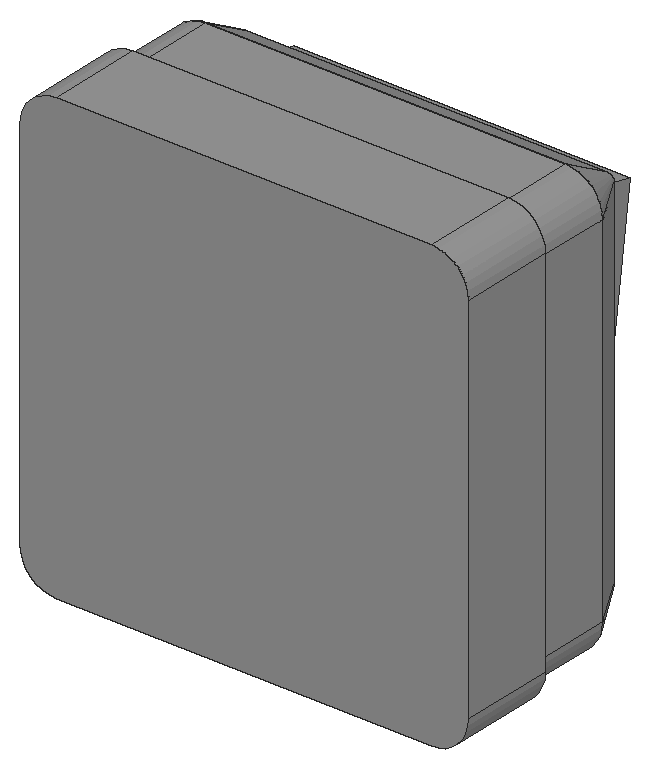
Revit family "IEK_Выключатель_ОткрытойУстановки_10А одноклавишный кнопочный IP20_ОКТАВА", category Выключатели, Revit 2019
Family settings
  Сохранять ориентацию аннотаций = Да
  Размер круглого соединителя = Использовать диаметр
  Тип детали = Переключатель
  На основе рабочей плоскости = Нет
  Всегда вертикально = Да
  При загрузке вырезать с полостями = Нет
  Общий = Нет
  Точка расчета площади = Нет
Parameters (values of type "ВСк20-1-0-ОБ")
  Ширина = 61 mm  # constant formula
  Тип монтажа = "Поверхность монтажа (открытая установка)"  # constant formula
  Степень защиты = "IP20"  # constant formula
  Изготовитель = "IEK"  # constant formula
  Дата изменения = ""
  Глубина = 37 mm  # constant formula
  Высота = 61 mm  # constant formula
  ΔХ [instance] = 2000 mm
  ΔY [instance] = 2000 mm
  KSI_CPr_Строительные изделия = "20.4.01"  # constant formula
  KSI_CMa_Строительные материалы = "01.7.14.03"  # constant formula
  IEK_Цена за единицу = 104.39
  IEK_Поиск в таблице имен = ""
  IEK_Описание = "Универсальный дизайн серии открытой установки \"ОКТАВА\" позволяет устанавливать изделия в квартирах, загородных домах, офисных и производственных помещениях."
  IEK_URL = "https://www.iek.ru/products/catalog/izdeliya_elektroustanovochnye_udliniteli_i_silovye_razemy/elektroustanovochnye_izdeliya/elektroustanovochnye_izdeliya_otkrytogo_montazha_ip20/elektroustanovochnye_izdeliya_oktava/elektroustanovochnye_izdeliya_oktava_tsvet_belyy/vyklyuchatel_1_klavishnyy_dlya_otkrytoy_ustanovki_knopochnyy_vsk20_1_0_ob_10a_oktava_belyy_iek"
  ADSK_Ток [instance] = 10 A  # constant formula
  ADSK_Примечание = ""
  ADSK_Полная мощность [instance] = ADSK_Номинальная мощность / ADSK_Коэффициент мощности  # 2200 VA
  ADSK_Позиция [instance] = ""
  ADSK_Номинальная мощность [instance] = ADSK_Ток * ADSK_Напряжение * sqrt(ADSK_Количество фаз числовое) * ADSK_Коэффициент мощности  # 2200 W
  ADSK_Напряжение = 220 V
  ADSK_Наименование = "Выключатель 1-клавишный для открытой установки кнопочный ВСк20-1-0-ОБ 10А ОКТАВА белый IEK"
  ADSK_Материал обозначение = ""
  ADSK_Материал наименование = "Пластик"  # constant formula
  ADSK_Материал = Цвет белый
  ADSK_Масса = 0.054
  ADSK_Марка = "ОКТАВА"  # constant formula
  ADSK_Коэффициент мощности [instance] = 1  # constant formula
  ADSK_Количество фаз числовое = 1
  ADSK_Количество фаз = 1
  ADSK_Код изделия = "EVO13-K01-10-D"
  ADSK_Классификация нагрузок [instance] = Прочее
  ADSK_Завод-изготовитель = "IEK"  # constant formula
  ADSK_Единица измерения = "шт"  # constant formula
  ADSK_Группирование = "III ЭЛЕКТРОУСТАНОВОЧНЫЕ И ЭЛЕКТРОМОНТАЖНЫЕ ИЗДЕЛИЯ"  # constant formula
  ADSK_Версия семейства = "1.0"  # constant formula
  ADSK_Версия Revit = "2019"  # constant formula
  ADSK_URL страницы изделия = "https://www.iek.ru/products/catalog/izdeliya_elektroustanovochnye_udliniteli_i_silovye_razemy/elektroustanovochnye_izdeliya/elektroustanovochnye_izdeliya_otkrytogo_montazha_ip20/elektroustanovochnye_izdeliya_oktava/?pagec=10"
Reference planes
  plane 1 "По центру (Вперед/Назад)": y = 0
  plane 2: z = 0
  plane 3 "По центру (Влево/Вправо)": x = 0
  plane 4 "Высота ножек": z = 280
  plane 5 "Высота": z = 2081.496
  plane 6: x = -2000
  plane 7: y = 2000
Forms (mm)
  Extrusion 1, solid, detail levels coarse
    sketch origin (0, 24, 0) x (1, 0, 0) y (0, 1, 0)
      loop
        line (-30.5, -24) -> (30.5, -24) -> (30.5, 13) -> (-30.5, 13) -> (-30.5, -24)
    from 0 to 61
  Extrusion 2, solid, detail levels medium
    sketch origin (0, 24, 0) x (1, 0, 0) y (0, 1, 0)
      loop
        line (-30.5, 13) -> (-30.5, -24) -> (30.5, -24) -> (30.5, 13) -> (-30.5, 13)
    from 0 to 61
  Extrusion 3, solid, material "Цвет белый" <- "ADSK_Материал", detail levels fine
    sketch origin (0, 0, 30.5) x (1, 0, 0) y (0, 0, -1)
      loop
        line (-30.5, 25.5) -> (-30.5, -25.5)
        arc (-30.5, -25.5) -> (-29.036, -29.036) -> (-25.5, -30.5) r 5
        line (-25.5, -30.5) -> (25.5, -30.5)
        arc (25.5, -30.5) -> (29.036, -29.036) -> (30.5, -25.5) r 5
        line (30.5, -25.5) -> (30.5, 25.5)
        arc (30.5, 25.5) -> (29.036, 29.036) -> (25.5, 30.5) r 5
        line (25.5, 30.5) -> (-25.5, 30.5)
        arc (-25.5, 30.5) -> (-29.036, 29.036) -> (-30.5, 25.5) r 5
    from 0 to 13
  Extrusion 4, solid, material "Цвет белый" <- "ADSK_Материал", detail levels fine
    sketch origin (0, 0, 30.5) x (1, 0, 0) y (0, 0, -1)
      loop
        line (-29.5, 24.462) -> (-29.5, -24.462)
        arc (-29.5, -24.462) -> (-28.024, -28.024) -> (-24.462, -29.5) r 5.038
        line (-24.462, -29.5) -> (24.505, -29.5)
        arc (24.505, -29.5) -> (28.037, -28.037) -> (29.5, -24.505) r 4.995
        line (29.5, -24.505) -> (29.5, 24.505)
        arc (29.5, 24.505) -> (28.037, 28.037) -> (24.505, 29.5) r 4.995
        line (24.505, 29.5) -> (-24.462, 29.5)
        arc (-24.462, 29.5) -> (-28.024, 28.024) -> (-29.5, 24.462) r 5.038
    from 13 to 24
  Blend 5, solid, material "Цвет белый" <- "ADSK_Материал", detail levels fine
    base sketch origin (0, 0, 30.5) x (1, 0, 0) y (0, 0, -1)
      loop
        line (-29.5, 24.462) -> (-29.5, -24.462)
        arc (-29.5, -24.462) -> (-28.024, -28.024) -> (-24.462, -29.5) r 5.038
        line (-24.462, -29.5) -> (24.505, -29.5)
        arc (24.505, -29.5) -> (28.037, -28.037) -> (29.5, -24.505) r 4.995
        line (29.5, -24.505) -> (29.5, 24.505)
        arc (29.5, 24.505) -> (28.037, 28.037) -> (24.505, 29.5) r 4.995
        line (24.505, 29.5) -> (-24.462, 29.5)
        arc (-24.462, 29.5) -> (-28.024, 28.024) -> (-29.5, 24.462) r 5.038
    top sketch origin (0, 0, 30.5) x (1, 0, 0) y (0, 0, -1)
      loop
        line (-25.459, 24.5) -> (-25.459, -24.5)
        arc (-25.459, -24.5) -> (-25.178, -25.178) -> (-24.5, -25.459) r 0.959
        line (-24.5, -25.459) -> (24.5, -25.459)
        arc (24.5, -25.459) -> (25.178, -25.178) -> (25.459, -24.5) r 0.959
        line (25.459, -24.5) -> (25.459, 24.5)
        arc (25.459, 24.5) -> (25.178, 25.178) -> (24.5, 25.459) r 0.959
        line (24.5, 25.459) -> (-24.5, 25.459)
        arc (-24.5, 25.459) -> (-25.178, 25.178) -> (-25.459, 24.5) r 0.959
    from 24 to 31
  Extrusion 6, void
    sketch origin (0, 0, 30.5) x (1, 0, 0) y (0, 0, -1)
      loop
        arc (-23.459, -21.459) -> (-22.873, -22.873) -> (-21.459, -23.459) r 2
        line (-21.459, -23.459) -> (21.459, -23.459)
        arc (21.459, -23.459) -> (22.873, -22.873) -> (23.459, -21.459) r 2
        line (23.459, -21.459) -> (23.459, 21.459)
        arc (23.459, 21.459) -> (22.873, 22.873) -> (21.459, 23.459) r 2
        line (21.459, 23.459) -> (-21.459, 23.459)
        arc (-21.459, 23.459) -> (-22.873, 22.873) -> (-23.459, 21.459) r 2
        line (-23.459, 21.459) -> (-23.459, -21.459)
    from 30.5 to 31
  Extrusion 7, solid, material "Цвет белый" <- "ADSK_Материал", detail levels fine
    sketch origin (0, 0, 30.5) x (0, 0, -1) y (0, 1, 0)
      loop
        line (-23, 30.5) -> (23, 30.5) -> (-21.529, 37) -> (-23, 30.5)
    from -22.8 to 22.8
Cuts and joins
  Extrusion 6 cuts Blend 5
Lines and regions (mm)
  reference lines
    curve 1: line (0, 44.647, 0) -> (0, -55.353, 0)
    curve 2: line (-23.829, 0, 0) -> (76.171, 0, 0)
Dimensions and locks
  locked: plane 4 "Высота ножек" to plane 2 at 280
  plane 5 "Высота" to plane 4 "Высота ножек" = 1801.496 mm
  "ΔХ": plane 6 to curve 1
  "ΔY": plane 7 to curve 2
  aligned and locked: level to plane 2
  aligned and locked: curve 2 to nested 1
  aligned and locked: nested 1 to curve 1
  aligned and locked: Blend 5 to Extrusion 4
Automatic sketch dimensions
  Extrusion 1 sketch curve to plane 1 "По центру (Вперед/Назад)" = 37 mm
  Extrusion 1 sketch curve to plane 3 "По центру (Влево/Вправо)" = 30.5 mm
  plane 3 "По центру (Влево/Вправо)" to Extrusion 1 sketch curve = 30.5 mm
  plane 1 "По центру (Вперед/Назад)" to Extrusion 1 sketch curve = 0 mm
  Extrusion 2 sketch curve to plane 3 "По центру (Влево/Вправо)" = 30.5 mm
  plane 3 "По центру (Влево/Вправо)" to Extrusion 2 sketch curve = 30.5 mm
  plane 1 "По центру (Вперед/Назад)" to Extrusion 2 sketch curve = 0 mm
  Extrusion 2 sketch curve to plane 1 "По центру (Вперед/Назад)" = 37 mm
  Extrusion 3 sketch curve to level = 0 mm
  level to Extrusion 3 sketch curve = 5 mm  (x2)
  Extrusion 3 sketch curve to plane 3 "По центру (Влево/Вправо)" = 30.5 mm
  Extrusion 3 sketch curve to Extrusion 3 sketch curve = 5 mm
  plane 3 "По центру (Влево/Вправо)" to Extrusion 3 sketch curve = 25.5 mm  (x2)
  Extrusion 3 sketch curve to Extrusion 3 sketch curve = 51 mm
  Extrusion 4 sketch curve to plane 3 "По центру (Влево/Вправо)" = 29.5 mm
  Extrusion 4 sketch curve to Extrusion 4 sketch curve = 5.038 mm  (x2)
  level to Extrusion 4 sketch curve = 1 mm
  plane 3 "По центру (Влево/Вправо)" to Extrusion 4 sketch curve = 24.505 mm  (x2)
  Extrusion 4 sketch curve to Extrusion 4 sketch curve = 4.995 mm
  Extrusion 4 sketch curve to Extrusion 4 sketch curve = 48.925 mm
  Extrusion 4 sketch curve to Extrusion 4 sketch curve = 0 mm  (x2)
  level to Blend 5 sketch curve = 6.038 mm
  Blend 5 sketch curve to plane 3 "По центру (Влево/Вправо)" = 29.5 mm
  Blend 5 sketch curve to Blend 5 sketch curve = 5.038 mm  (x2)
  plane 3 "По центру (Влево/Вправо)" to Blend 5 sketch curve = 24.505 mm  (x2)
  level to Blend 5 sketch curve = 5.995 mm
  Blend 5 sketch curve to Blend 5 sketch curve = 48.925 mm
  level to Blend 5 sketch curve = 6 mm  (x2)
  Blend 5 sketch curve to plane 3 "По центру (Влево/Вправо)" = 25.459 mm
  Blend 5 sketch curve to Blend 5 sketch curve = 0.959 mm  (x2)
  plane 3 "По центру (Влево/Вправо)" to Blend 5 sketch curve = 24.5 mm  (x2)
  Blend 5 sketch curve to Blend 5 sketch curve = 49 mm
  Extrusion 6 sketch curve to plane 3 "По центру (Влево/Вправо)" = 23.459 mm
  Extrusion 6 sketch curve to Extrusion 6 sketch curve = 2 mm  (x3)
  level to Extrusion 6 sketch curve = 7.041 mm
  plane 3 "По центру (Влево/Вправо)" to Extrusion 6 sketch curve = 21.459 mm  (x2)
  Extrusion 6 sketch curve to Extrusion 6 sketch curve = 42.917 mm
  level to Extrusion 7 sketch curve = 53.5 mm
  Extrusion 7 sketch curve to Extrusion 7 sketch curve = 1.471 mm
  level to Extrusion 7 sketch curve = 7.5 mm
  Extrusion 7 sketch curve to plane 1 "По центру (Вперед/Назад)" = 30.5 mm
  Extrusion 7 sketch curve to Extrusion 7 sketch curve = 6.5 mm
  curve 2 to plane 3 "По центру (Влево/Вправо)" = 23.829 mm
  plane 3 "По центру (Влево/Вправо)" to curve 2 = 76.171 mm
  plane 1 "По центру (Вперед/Назад)" to curve 1 = 55.353 mm
  curve 1 to plane 1 "По центру (Вперед/Назад)" = 44.647 mm
Nested families
  nested 1: "УГО Выключателя" at (0, 0, 0), type "1K-O", detail levels coarse+medium
    with IP44 no
Connectors
  electrical at (0, 0, 30.5), driven by "ADSK_Количество фаз", driven by "ADSK_Классификация нагрузок", driven by "ADSK_Напряжение", driven by "ADSK_Полная мощность", driven by "ADSK_Коэффициент мощности"
    settings: on Extrusion 1, index 1, voltage 220 V, apparent load 0 VA, apparent load phase1 2200 VA, apparent load phase2 0 VA, apparent load phase3 0 VA, power factor 1, load classification "Прочее", number of poles 1, system type 31, power factor state 1, is connector primary yes, connector utility no, sub classification motor no, connector description ""
Definition of nested family "УГО Выключателя"
  Parameters (values of type "3K-O")
    IP44 [instance] = no
    3K-C = no
    2K-C = no
    1K-C = no
    3K-O = yes
    2K-O = no
    1K-O = no
  Types (6, lengths in mm): name | 3K-C | 2K-C | 1K-C | 3K-O | 2K-O | 1K-O
    2K-O | no | no | no | no | yes | no
    3K-O | no | no | no | yes | no | no
    2K-C | no | yes | no | no | no | no
    1K-O | no | no | no | no | no | yes
    1K-C | no | no | yes | no | no | no
    3K-C | yes | no | no | no | no | no
  Reference planes
    plane 1: y = 0
    plane 2: x = 0
  Lines and regions (mm)
    Filled region 1, type "Цветовая область 1", visible <- "IP44", not visible
      outline origin (0, 0, 0) x (1, 0, 0) y (0, 1, 0)
        loop
          circle (0, 2.214) r 0.994
    Filled region 2, type "Цветовая область 1", visible <- "IP44", not visible
      outline origin (-1.562, 0, 0) x (1, 0, 0) y (0, 1, 0)
        loop
          circle (11.009, 9.276) r 0.994
    Filled region 3, type "Цветовая область 1", visible <- "IP44", not visible
      outline origin (-1.562, 0, 0) x (1, 0, 0) y (0, 1, 0)
        loop
          circle (23.521, 9.279) r 0.994
    Filled region 4, type "Цветовая область 1", visible <- "IP44", not visible
      outline origin (0, 0, 0) x (1, 0, 0) y (0, 1, 0)
        loop
          circle (28.604, 9.279) r 0.994
    Filled region 5, type "Цветовая область 1", visible <- "IP44", not visible
      outline origin (0, 0, 0) x (1, 0, 0) y (0, 1, 0)
        loop
          circle (32.789, 9.279) r 0.994
    Filled region 6, type "Цветовая область 1", visible <- "IP44"
      outline origin (0, 0, 0) x (1, 0, 0) y (0, 1, 0)
        loop
          circle (0.006, 0.994) r 0.994
    Filled region 7, type "Цветовая область 1", visible <- "IP44"
      outline origin (0, 0, 0) x (1, 0, 0) y (0, 1, 0)
        loop
          circle (0.006, 0.994) r 0.994
    Filled region 8, type "Цветовая область 1", visible <- "IP44"
      outline origin (-1.562, 0, 0) x (1, 0, 0) y (0, 1, 0)
        loop
          circle (1.569, 0.994) r 0.994
    Filled region 9, type "Цветовая область 1", visible <- "IP44"
      outline origin (0, 0, 0) x (1, 0, 0) y (0, 1, 0)
        loop
          circle (0.006, 0.994) r 0.994
    Filled region 10, type "Цветовая область 1", visible <- "IP44", not visible
      outline origin (0, 0, 0) x (1, 0, 0) y (0, 1, 0)
        loop
          circle (15.057, 15.33) r 0.994
    Filled region 11, type "Цветовая область 1", visible <- "IP44"
      outline origin (-1.562, 0, 0) x (1, 0, 0) y (0, 1, 0)
        loop
          circle (1.569, 0.994) r 0.994
    Filled region 12, type "Цветовая область 1", visible <- "IP44"
      outline origin (0, 0, 0) x (1, 0, 0) y (0, 1, 0)
        loop
          circle (0.006, 0.994) r 0.994
    detail lines, visible <- "3K-O", not visible
      curve 1: line (0.86, 2.711, 0) -> (3.031, 3.964, 0)
      curve 2: line (0.639, 2.975, 0) -> (2.25, 4.895, 0)
      curve 3: line (0.323, 3.154, 0) -> (1.139, 5.524, 0)
      curve 4: circle (0, 2.214, 0) r 0.994 normal (0, 0, 1)
      curve 5: line (3.031, 3.964, 0) -> (3.431, 3.272, 0)
      curve 6: line (2.25, 4.895, 0) -> (2.863, 4.381, 0)
      curve 7: line (1.139, 5.524, 0) -> (1.896, 5.263, 0)
    detail lines, visible <- "2K-O", not visible
      curve 8: line (10.196, 9.928, 0) -> (12.088, 11.572, 0)
      curve 9: line (9.928, 10.145, 0) -> (11.143, 12.337, 0)
      curve 10: circle (9.446, 9.276, 0) r 0.994 normal (0, 0, 1)
      curve 11: line (12.088, 11.572, 0) -> (12.613, 10.968, 0)
      curve 12: line (11.143, 12.337, 0) -> (11.843, 11.949, 0)
    detail lines, visible <- "1K-O", not visible
      curve 13: line (15.627, 16.144, 0) -> (17.201, 18.393, 0)
      curve 14: circle (15.057, 15.33, 0) r 0.994 normal (0, 0, 1)
      curve 15: line (17.201, 18.393, 0) -> (17.857, 17.934, 0)
    detail lines, visible <- "3K-C", not visible
      curve 16: line (22.819, 9.775, 0) -> (24.99, 11.029, 0)
      curve 17: line (22.597, 10.04, 0) -> (24.208, 11.96, 0)
      curve 18: line (22.282, 10.218, 0) -> (23.098, 12.588, 0)
      curve 19: circle (21.958, 9.279, 0) r 0.994 normal (0, 0, 1)
      curve 20: line (24.765, 11.418, 0) -> (25.215, 10.639, 0)
      curve 21: line (23.863, 12.249, 0) -> (24.553, 11.67, 0)
      curve 22: line (22.672, 12.734, 0) -> (23.523, 12.441, 0)
    detail lines, visible <- "2K-C", not visible
      curve 23: line (29.354, 9.93, 0) -> (31.246, 11.575, 0)
      curve 24: line (29.086, 10.148, 0) -> (30.301, 12.34, 0)
      curve 25: circle (28.604, 9.279, 0) r 0.994 normal (0, 0, 1)
      curve 26: line (30.951, 11.914, 0) -> (31.541, 11.235, 0)
      curve 27: line (29.908, 12.558, 0) -> (30.695, 12.122, 0)
    detail lines, visible <- "1K-C", not visible
      curve 28: line (33.359, 10.092, 0) -> (34.797, 12.146, 0)
      curve 29: circle (32.789, 9.279, 0) r 0.994 normal (0, 0, 1)
      curve 30: line (34.428, 12.404, 0) -> (35.165, 11.887, 0)
    detail lines
      curve 31: line (0.006, 0, 0) -> (0.006, 2.454, 0)
      curve 32: line (0.006, 0, 0) -> (2.217, 0, 0)
    detail lines, visible <- "1K-C"
      curve 33: line (0.576, 1.808, 0) -> (2.014, 3.861, 0)
      curve 34: circle (0.006, 0.994, 0) r 0.994 normal (0, 0, 1)
      curve 35: line (1.645, 4.119, 0) -> (2.383, 3.603, 0)
    detail lines, visible <- "2K-C"
      curve 36: line (0.756, 1.645, 0) -> (2.648, 3.29, 0)
      curve 37: line (0.488, 1.863, 0) -> (1.703, 4.055, 0)
      curve 38: circle (0.006, 0.994, 0) r 0.994 normal (0, 0, 1)
      curve 39: line (2.353, 3.629, 0) -> (2.943, 2.95, 0)
      curve 40: line (1.31, 4.273, 0) -> (2.097, 3.837, 0)
    detail lines, visible <- "3K-C"
      curve 41: line (0.867, 1.49, 0) -> (3.037, 2.744, 0)
      curve 42: line (0.645, 1.755, 0) -> (2.256, 3.675, 0)
      curve 43: line (0.33, 1.933, 0) -> (1.146, 4.303, 0)
      curve 44: circle (0.006, 0.994, 0) r 0.994 normal (0, 0, 1)
      curve 45: line (2.812, 3.133, 0) -> (3.262, 2.354, 0)
      curve 46: line (1.911, 3.964, 0) -> (2.601, 3.386, 0)
      curve 47: line (0.72, 4.449, 0) -> (1.571, 4.156, 0)
    detail lines, visible <- "1K-O"
      curve 48: line (0.576, 1.808, 0) -> (2.151, 4.056, 0)
      curve 49: circle (0.006, 0.994, 0) r 0.994 normal (0, 0, 1)
      curve 50: line (2.151, 4.056, 0) -> (2.806, 3.597, 0)
    detail lines, visible <- "2K-O"
      curve 51: line (0.756, 1.645, 0) -> (2.648, 3.29, 0)
      curve 52: line (0.488, 1.863, 0) -> (1.703, 4.055, 0)
      curve 53: circle (0.006, 0.994, 0) r 0.994 normal (0, 0, 1)
      curve 54: line (2.648, 3.29, 0) -> (3.173, 2.686, 0)
      curve 55: line (1.703, 4.055, 0) -> (2.403, 3.667, 0)
    detail lines, visible <- "3K-O"
      curve 56: line (0.867, 1.49, 0) -> (3.037, 2.744, 0)
      curve 57: line (0.645, 1.755, 0) -> (2.256, 3.675, 0)
      curve 58: line (0.33, 1.933, 0) -> (1.146, 4.303, 0)
      curve 59: circle (0.006, 0.994, 0) r 0.994 normal (0, 0, 1)
      curve 60: line (3.037, 2.744, 0) -> (3.437, 2.051, 0)
      curve 61: line (2.256, 3.675, 0) -> (2.869, 3.161, 0)
      curve 62: line (1.146, 4.303, 0) -> (1.902, 4.042, 0)
